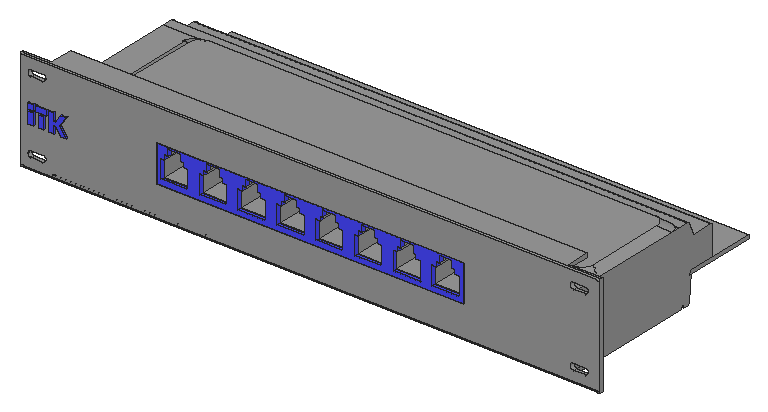
Revit family "ITK_Патч-панель_10-дюймовое крепление_8 портов_Экранированная", category Обобщенные модели, Revit 2019
Family settings
  Может служить основой для арматурных стержней = Нет
  Размер круглого соединителя = Использовать диаметр
  Тип детали = Нормальный
  На основе рабочей плоскости = Нет
  Всегда вертикально = Да
  При загрузке вырезать с полостями = Нет
  Общий = Нет
  Точка расчета площади = Нет
Parameters (values of type "PP08-1UC6AS-D05-10")
  Ширина = 254 mm  # constant formula
  Материал = Окраска - RAL 9005
  Изготовитель = "ITK"  # constant formula
  Дата изменения = ""
  Глубина = 100 mm  # constant formula
  Высота = 44.5 mm  # constant formula
  URL = "https://www.iek.ru/"
  KSI_CPr_Строительные изделия = "27.12.31.61.1.04.09-1090"  # constant formula
  KSI_CMa_Строительные материалы = "10.03.02.06"  # constant formula
  IEK_Цена за единицу = 1730.63
  IEK_Поиск в таблице имен = ""
  IEK_Описание = "Двойная понятная маркировка IDC-модулей и портов. Расширенный частотный диапазон работы. Увеличенное количество циклов включения-отключения. Совместимы со всеми 10\" шкафами и стойками ITK. Соответствие международным стандартам и ГОСТ Р."
  IEK_URL = "https://www.itk-group.ru/produktsiya/catalog/oborudovanie_telekommunikatsionnoe/komponenty_sks_mednye/patch_paneli/patch_paneli_10/patch_paneli_10_kat_6a_ekranirovanye/itk_1u_patch_panel_kat_6a_stp_8_portov_10_dual_idc"
  ADSK_Примечание = ""
  ADSK_Позиция [instance] = ""
  ADSK_Наименование = "ITK 1U патч-панель кат.6A STP 8 портов 10\" Dual IDC"
  ADSK_Материал обозначение = ""
  ADSK_Материал наименование = "Металл"  # constant formula
  ADSK_Масса = 0.84  # constant formula
  ADSK_Марка = ""  # constant formula
  ADSK_Код изделия = "PP08-1UC6AS-D05-10"
  ADSK_Завод-изготовитель = "IEK"  # constant formula
  ADSK_Единица измерения = "шт"  # constant formula
  ADSK_Группирование = "I. ЩИТЫ И ПУЛЬТЫ"  # constant formula
  ADSK_Версия семейства = "1.0"  # constant formula
  ADSK_Версия Revit = "2019"  # constant formula
  ADSK_URL страницы изделия = "https://www.itk-group.ru/produktsiya/catalog/oborudovanie_telekommunikatsionnoe/komponenty_sks_mednye/patch_paneli/patch_paneli_10/?set_filter=y&filter_987_1330857165=y&filter_3644_551235753=y"
Types (3, lengths in mm): name | IEK_Цена за единицу | IEK_URL | ADSK_Наименование | ADSK_Код изделия
  PP08-1UC5ES-D05-10 | 1363.08 | "https://www.itk-group.ru/produktsiya/catalog/oborudovanie_telekommunikatsionnoe/komponenty_sks_mednye/patch_paneli/patch_paneli_10/patch_paneli_10_kat_5e_ekranirovanye/itk_1u_patch_panel_kat_5e_stp_8_portov_10_dual_idc" | "ITK 1U патч-панель кат.5E STP 8 портов 10\" Dual IDC" | "PP08-1UC5ES-D05-10"
  PP08-1UC06S-D05-10 | 1325.63 | "https://www.itk-group.ru/produktsiya/catalog/oborudovanie_telekommunikatsionnoe/komponenty_sks_mednye/patch_paneli/patch_paneli_10/patch_paneli_10_kat_6_ekranirovanye/itk_1u_patch_panel_kat_6_stp_8_portov_10_dual_idc" | "ITK 1U патч-панель кат.6 STP 8 портов 10\" Dual IDC" | "PP08-1UC06S-D05-10"
  PP08-1UC6AS-D05-10 | 1730.63 | "https://www.itk-group.ru/produktsiya/catalog/oborudovanie_telekommunikatsionnoe/komponenty_sks_mednye/patch_paneli/patch_paneli_10/patch_paneli_10_kat_6a_ekranirovanye/itk_1u_patch_panel_kat_6a_stp_8_portov_10_dual_idc" | "ITK 1U патч-панель кат.6A STP 8 портов 10\" Dual IDC" | "PP08-1UC6AS-D05-10"
Reference planes
  plane 1 "По центру (Вперед/Назад)": y = 0
  plane 2: z = 0
  plane 3 "По центру (Влево/Вправо)": x = 0
  plane 4: z = 44.5
  plane 5: y = 11.8
  plane 6: x = 118.2
  plane 7: z = 22.25
  plane 8: z = 38.15
  plane 9: z = 6.35
  plane 10: x = -119.5
  plane 11: x = -102
  plane 12: x = 102
  plane 13: x = -127
  plane 14: x = 127
  plane 15: y = 80
  plane 16: z = 35
  plane 17: y = 100
Forms (mm)
  Extrusion 1, void
    sketch origin (0, 0, 0) x (1, 0, 0) y (0, 1, 0)
      loop
        line (-127, 11.8) -> (-127, 1.6) -> (-114.4, 1.6) -> (-114.4, 11.8) -> (-127, 11.8)
      loop
        line (127, 11.8) -> (112, 11.8) -> (112, 1.6) -> (127, 1.6) -> (127, 11.8)
    from 0 to 482.6
  Extrusion 2, solid, material "Окраска - RAL 9005" <- "Материал", detail levels fine
    sketch origin (-241.3, 0, 0) x (0, 1, 0) y (0, 0, 1)
      loop
        line (11.8, 44.5) -> (0.523, 44.5)
        arc (0.523, 44.5) -> (0.153, 44.347) -> (0, 43.977) r 0.523
        line (0, 43.977) -> (0, 0.507)
        arc (0, 0.507) -> (0.148, 0.148) -> (0.507, 0) r 0.507
        line (0.507, 0) -> (11.8, 0) -> (11.8, 1.6) -> (2.104, 1.6)
        arc (2.104, 1.6) -> (1.748, 1.748) -> (1.6, 2.104) r 0.504
        line (1.6, 2.104) -> (1.6, 42.358)
        arc (1.6, 42.358) -> (1.759, 42.741) -> (2.142, 42.9) r 0.542
        line (2.142, 42.9) -> (11.8, 42.9) -> (11.8, 44.5)
    from 114.3 to 368.3
  Extrusion 3, void
    sketch origin (0, 0, 0) x (1, 0, 0) y (0, 0, 1)
      loop
        line (120.7, 39.65) -> (115.7, 39.65)
        arc (115.7, 39.65) -> (114.2, 38.15) -> (115.7, 36.65) r 1.5
        line (115.7, 36.65) -> (120.7, 36.65)
        arc (120.7, 36.65) -> (122.2, 38.15) -> (120.7, 39.65) r 1.5
      loop
        arc (120.7, 4.85) -> (122.2, 6.35) -> (120.7, 7.85) r 1.5
        line (120.7, 7.85) -> (115.7, 7.85)
        arc (115.7, 7.85) -> (114.2, 6.35) -> (115.7, 4.85) r 1.5
        line (115.7, 4.85) -> (120.7, 4.85)
      loop
        arc (-122, 39.65) -> (-123.5, 38.15) -> (-122, 36.65) r 1.5
        line (-122, 36.65) -> (-117, 36.65)
        arc (-117, 36.65) -> (-115.5, 38.15) -> (-117, 39.65) r 1.5
        line (-117, 39.65) -> (-122, 39.65)
      loop
        line (-122, 4.85) -> (-117, 4.85)
        arc (-117, 4.85) -> (-115.5, 6.35) -> (-117, 7.85) r 1.5
        line (-117, 7.85) -> (-122, 7.85)
        arc (-122, 7.85) -> (-123.5, 6.35) -> (-122, 4.85) r 1.5
    from 0 to -2
  Extrusion 4, solid, material "Условный материал-отделка", detail levels coarse+medium
    sketch origin (0, 0, 0) x (1, 0, 0) y (0, 0, 1)
      loop
        line (-127, 44.5) -> (-127, 0) -> (127, 0) -> (127, 44.5) -> (-127, 44.5)
    from -100 to 0
  Extrusion 5, solid, material "Пластик белый", detail levels fine
    sketch origin (-229.749, 0, 18.183) x (1, 0, 0) y (0, 0, 1)
      loop
        line (106.676, 5.29) -> (106.676, 0) -> (108.988, 0) -> (108.988, 5.29) -> (106.676, 5.29)
      loop
        line (113.492, 5.29) -> (111.314, 5.29) -> (111.314, 0) -> (113.492, 0) -> (113.492, 5.29)
      loop
        line (106.676, 6.027) -> (108.988, 6.027) -> (108.988, 8.272) -> (106.676, 8.272) -> (106.676, 6.027)
      loop
        line (115.867, 8.272) -> (115.867, 0) -> (118.047, 0) -> (118.047, 3.101) -> (118.88, 3.101) -> (120.894, 0) -> (123.551, 0) -> (120.541, 4.142) -> (123.551, 8.272) -> (120.894, 8.272) -> (118.88, 5.17) -> (118.047, 5.17) -> (118.047, 8.272) -> (115.867, 8.272)
      loop
        line (110.06, 6.027) -> (114.747, 6.027) -> (114.747, 8.272) -> (110.06, 8.272) -> (110.06, 6.027)
    from 0 to 0.554
  Extrusion 6, solid, material "Окраска - RAL 9005" <- "Материал", detail levels fine
    sketch origin (0, 0, 0) x (0, 1, 0) y (0, 0, 1)
      loop
        line (2.217, 0) -> (62.953, 0)
        spline (62.953, 0) -> (63.172, 0.599) -> (63.374, 1.019) -> (63.561, 1.285) -> (63.734, 1.424) -> (63.892, 1.463) -> (64.037, 1.427) -> (64.17, 1.342) -> (64.291, 1.222) -> (64.407, 1.048) -> (64.523, 0.8) -> (64.644, 0.458) -> (64.777, 0)
        line (64.777, 0) -> (66.597, 0)
        arc (66.597, 0) -> (67.014, 0.162) -> (67.211, 0.563) r 0.616
        line (67.211, 0.563) -> (68.252, 12.458)
        arc (68.252, 12.458) -> (68.441, 12.842) -> (68.839, 12.997) r 0.59
        line (68.839, 12.997) -> (79.451, 12.997)
        arc (79.451, 12.997) -> (79.839, 13.158) -> (80, 13.546) r 0.549
        line (80, 13.546) -> (80, 25.62)
        arc (80, 25.62) -> (79.827, 26.037) -> (79.411, 26.21) r 0.589
        line (79.411, 26.21) -> (70.164, 26.21)
        arc (70.164, 26.21) -> (69.795, 26.326) -> (69.559, 26.633) r 0.644
        line (69.559, 26.633) -> (67.65, 31.878)
        arc (67.65, 31.878) -> (67.416, 32.184) -> (67.048, 32.3) r 0.641
        line (67.048, 32.3) -> (62.742, 32.3) -> (2.184, 32.3)
        arc (2.184, 32.3) -> (1.771, 32.129) -> (1.6, 31.716) r 0.584
        line (1.6, 31.716) -> (1.6, 0.617)
        arc (1.6, 0.617) -> (1.781, 0.181) -> (2.217, 0) r 0.617
    from 112 to -114.4
  Blend 7, solid, material "Окраска - RAL 9005" <- "Материал", detail levels fine
    base sketch origin (0, 0, 0) x (1, 0, 0) y (0, 1, 0)
      loop
        arc (-97, 62.953) -> (-100.536, 61.489) -> (-102, 57.953) r 5
        line (-102, 57.953) -> (-102, 16.8)
        arc (-102, 16.8) -> (-100.536, 13.264) -> (-97, 11.8) r 5
        line (-97, 11.8) -> (107, 11.8)
        arc (107, 11.8) -> (110.536, 13.264) -> (112, 16.8) r 5
        line (112, 16.8) -> (112, 57.953)
        arc (112, 57.953) -> (110.536, 61.489) -> (107, 62.953) r 5
        line (107, 62.953) -> (-97, 62.953)
    top sketch origin (0, 0, 0) x (1, 0, 0) y (0, 1, 0)
      loop
        arc (103.2, 15) -> (106.736, 16.464) -> (108.2, 20) r 5
        line (108.2, 20) -> (108.2, 54.753)
        arc (108.2, 54.753) -> (106.736, 58.289) -> (103.2, 59.753) r 5
        line (103.2, 59.753) -> (-92, 59.753)
        arc (-92, 59.753) -> (-95.536, 58.289) -> (-97, 54.753) r 5
        line (-97, 54.753) -> (-97, 20)
        arc (-97, 20) -> (-95.536, 16.464) -> (-92, 15) r 5
        line (-92, 15) -> (103.2, 15)
    from 32.3 to 35
  Extrusion 8, solid, material "Окраска - RAL 9005", detail levels fine
    sketch origin (0, 0, 11.397) x (1, 0, 0) y (0, 1, 0)
      loop
        line (-114.4, 100) -> (-114.4, 68.156) -> (112, 68.156) -> (112, 100) -> (-114.4, 100)
    from 0 to 1.6
  Extrusion 9, void
    sketch origin (0, 0, 0) x (1, 0, 0) y (0, 0, 1)
      loop
        line (-67.133, 30.3) -> (-67.133, 14.2) -> (67.133, 14.2) -> (67.133, 30.3) -> (-67.133, 30.3)
    from 0 to -4.917
  Extrusion 10, solid, material "Пластик белый", detail levels fine
    sketch origin (0, 0, 0) x (1, 0, 0) y (0, 0, 1)
      loop
        line (-67.133, 30.3) -> (-67.133, 14.2) -> (67.133, 14.2) -> (67.133, 30.3) -> (-67.133, 30.3)
    from 0 to -1.6
  Extrusion 11, void
    sketch origin (33.986, 0, 0) x (1, 0, 0) y (0, 0, 1)
      loop
        line (-99.489, 16.366) -> (-87.431, 16.366) -> (-87.431, 24.674) -> (-89.448, 24.674) -> (-89.448, 26.55) -> (-90.692, 26.55) -> (-90.692, 29.471) -> (-96.228, 29.471) -> (-96.228, 26.55) -> (-97.473, 26.55) -> (-97.473, 24.674) -> (-99.489, 24.674) -> (-99.489, 16.366)
    from 3.3 to -15
  Extrusion 12, void
    sketch origin (50.978, 0, 0) x (1, 0, 0) y (0, 0, 1)
      loop
        line (-99.489, 16.366) -> (-87.431, 16.366) -> (-87.431, 24.674) -> (-89.448, 24.674) -> (-89.448, 26.55) -> (-90.692, 26.55) -> (-90.692, 29.471) -> (-96.228, 29.471) -> (-96.228, 26.55) -> (-97.473, 26.55) -> (-97.473, 24.674) -> (-99.489, 24.674) -> (-99.489, 16.366)
    from 3.3 to -15
  Extrusion 13, void
    sketch origin (67.971, 0, 0) x (1, 0, 0) y (0, 0, 1)
      loop
        line (-99.489, 16.366) -> (-87.431, 16.366) -> (-87.431, 24.674) -> (-89.448, 24.674) -> (-89.448, 26.55) -> (-90.692, 26.55) -> (-90.692, 29.471) -> (-96.228, 29.471) -> (-96.228, 26.55) -> (-97.473, 26.55) -> (-97.473, 24.674) -> (-99.489, 24.674) -> (-99.489, 16.366)
    from 3.3 to -15
  Extrusion 14, void
    sketch origin (84.964, 0, 0) x (1, 0, 0) y (0, 0, 1)
      loop
        line (-99.489, 16.366) -> (-87.431, 16.366) -> (-87.431, 24.674) -> (-89.448, 24.674) -> (-89.448, 26.55) -> (-90.692, 26.55) -> (-90.692, 29.471) -> (-96.228, 29.471) -> (-96.228, 26.55) -> (-97.473, 26.55) -> (-97.473, 24.674) -> (-99.489, 24.674) -> (-99.489, 16.366)
    from 3.3 to -15
  Extrusion 15, void
    sketch origin (101.957, 0, 0) x (1, 0, 0) y (0, 0, 1)
      loop
        line (-99.489, 16.366) -> (-87.431, 16.366) -> (-87.431, 24.674) -> (-89.448, 24.674) -> (-89.448, 26.55) -> (-90.692, 26.55) -> (-90.692, 29.471) -> (-96.228, 29.471) -> (-96.228, 26.55) -> (-97.473, 26.55) -> (-97.473, 24.674) -> (-99.489, 24.674) -> (-99.489, 16.366)
    from 3.3 to -15
  Extrusion 16, void
    sketch origin (118.949, 0, 0) x (1, 0, 0) y (0, 0, 1)
      loop
        line (-99.489, 16.366) -> (-87.431, 16.366) -> (-87.431, 24.674) -> (-89.448, 24.674) -> (-89.448, 26.55) -> (-90.692, 26.55) -> (-90.692, 29.471) -> (-96.228, 29.471) -> (-96.228, 26.55) -> (-97.473, 26.55) -> (-97.473, 24.674) -> (-99.489, 24.674) -> (-99.489, 16.366)
    from 3.3 to -15
  Extrusion 17, void
    sketch origin (135.942, 0, 0) x (1, 0, 0) y (0, 0, 1)
      loop
        line (-99.489, 16.366) -> (-87.431, 16.366) -> (-87.431, 24.674) -> (-89.448, 24.674) -> (-89.448, 26.55) -> (-90.692, 26.55) -> (-90.692, 29.471) -> (-96.228, 29.471) -> (-96.228, 26.55) -> (-97.473, 26.55) -> (-97.473, 24.674) -> (-99.489, 24.674) -> (-99.489, 16.366)
    from 3.3 to -15
  Extrusion 18, void
    sketch origin (152.935, 0, 0) x (1, 0, 0) y (0, 0, 1)
      loop
        line (-99.489, 16.366) -> (-87.431, 16.366) -> (-87.431, 24.674) -> (-89.448, 24.674) -> (-89.448, 26.55) -> (-90.692, 26.55) -> (-90.692, 29.471) -> (-96.228, 29.471) -> (-96.228, 26.55) -> (-97.473, 26.55) -> (-97.473, 24.674) -> (-99.489, 24.674) -> (-99.489, 16.366)
    from 3.3 to -15
Cuts and joins
  Extrusion 1, Extrusion 3, Extrusion 9 cuts Extrusion 2
  Extrusion 11, Extrusion 12, Extrusion 13, Extrusion 14, Extrusion 15, Extrusion 16, Extrusion 17, Extrusion 18 cuts Extrusion 6
  Extrusion 11, Extrusion 12, Extrusion 13, Extrusion 14, Extrusion 15, Extrusion 16, Extrusion 17, Extrusion 18 cuts Extrusion 10
  Extrusion 18 cuts Extrusion 4
Dimensions and locks
  plane 4 to level = 44.5 mm
  plane 5 to plane 1 "По центру (Вперед/Назад)" = 11.8 mm
  equal spacing: plane 13, plane 3 "По центру (Влево/Вправо)", plane 14
  "Ширина": plane 13 to plane 14
  "Высота": plane 4 to level
  plane 14 to plane 3 "По центру (Влево/Вправо)" to plane 13 = 127 mm, 127 mm
  plane 13 to plane 10 to plane 11 = 7.5 mm locked, 17.5 mm locked
  plane 12 to plane 6 to plane 14 = 16.2 mm locked, 8.8 mm locked
  plane 15 to plane 1 "По центру (Вперед/Назад)" = 80 mm
  plane 16 to level = 35 mm
  plane 17 to plane 15 = 20 mm
  aligned and locked: level to plane 2
  aligned and locked: plane 13 to Extrusion 4
  aligned and locked: cut or joined group of Extrusion 1, Extrusion 2, Extrusion 3, Extrusion 9 to plane 13
  aligned and locked: plane 14 to cut or joined group of Extrusion 1, Extrusion 2, Extrusion 3, Extrusion 9
  aligned and locked: Extrusion 1 to Extrusion 2
  aligned and locked: Extrusion 6 to cut or joined group of Extrusion 1, Extrusion 2, Extrusion 3, Extrusion 9  (x2)
Automatic sketch dimensions
  Extrusion 1 sketch curve to plane 13 = 0 mm
  plane 5 to Extrusion 1 sketch curve = 0 mm  (x2)
  Extrusion 1 sketch curve to plane 14 = 0 mm
  Extrusion 1 sketch curve to plane 1 "По центру (Вперед/Назад)" = 1.6 mm  (x2)
  plane 10 to Extrusion 1 sketch curve = 5.1 mm
  Extrusion 1 sketch curve to plane 6 = 6.2 mm
  Extrusion 2 sketch curve to plane 1 "По центру (Вперед/Назад)" = 0 mm
  Extrusion 2 sketch curve to level = 0 mm
  Extrusion 2 sketch curve to plane 4 = 0 mm
  Extrusion 2 sketch curve to plane 5 = 0 mm  (x2)
  level to Extrusion 2 sketch curve = 0.507 mm
  Extrusion 2 sketch curve to Extrusion 2 sketch curve = 0.523 mm
  Extrusion 2 sketch curve to plane 1 "По центру (Вперед/Назад)" = 1.6 mm
  Extrusion 2 sketch curve to Extrusion 2 sketch curve = 0.504 mm
  Extrusion 2 sketch curve to Extrusion 2 sketch curve = 0.542 mm
  level to Extrusion 2 sketch curve = 1.6 mm
  Extrusion 2 sketch curve to plane 4 = 2.142 mm
  Extrusion 3 sketch curve to plane 9 = 0 mm  (x2)
  Extrusion 3 sketch curve to plane 8 = 0 mm  (x2)
  Extrusion 3 sketch curve to plane 10 = 2.5 mm  (x2)
  plane 10 to Extrusion 3 sketch curve = 2.5 mm  (x2)
  Extrusion 3 sketch curve to plane 6 = 2.5 mm  (x2)
  plane 6 to Extrusion 3 sketch curve = 2.5 mm  (x2)
  Extrusion 3 sketch curve to plane 9 = 1.5 mm
  Extrusion 3 sketch curve to Extrusion 3 sketch curve = 1.5 mm  (x2)
  Extrusion 3 sketch curve to plane 8 = 1.5 mm
  Extrusion 4 sketch curve to level = 0 mm
  Extrusion 4 sketch curve to plane 13 = 0 mm
  Extrusion 4 sketch curve to plane 14 = 0 mm
  Extrusion 4 sketch curve to plane 4 = 0 mm
  plane 7 to Extrusion 5 sketch curve = 1.223 mm  (x2)
  Extrusion 5 sketch curve to plane 10 = 3.574 mm
  Extrusion 5 sketch curve to Extrusion 5 sketch curve = 0 mm  (x5)
  Extrusion 5 sketch curve to plane 10 = 1.261 mm
  Extrusion 5 sketch curve to plane 10 = 0.19 mm
  plane 10 to Extrusion 5 sketch curve = 1.065 mm
  Extrusion 5 sketch curve to Extrusion 5 sketch curve = 2.178 mm
  Extrusion 5 sketch curve to Extrusion 5 sketch curve = 1.255 mm
  Extrusion 5 sketch curve to Extrusion 5 sketch curve = 1.12 mm
  Extrusion 5 sketch curve to Extrusion 5 sketch curve = 2.18 mm  (x2)
  Extrusion 5 sketch curve to Extrusion 5 sketch curve = 0.834 mm  (x2)
  Extrusion 5 sketch curve to plane 7 = 0.965 mm
  plane 7 to Extrusion 5 sketch curve = 0.076 mm
  Extrusion 5 sketch curve to Extrusion 5 sketch curve = 1.661 mm
  Extrusion 5 sketch curve to Extrusion 5 sketch curve = 2.848 mm  (x2)
  Extrusion 5 sketch curve to Extrusion 5 sketch curve = 2.656 mm  (x2)
  Extrusion 5 sketch curve to plane 7 = 4.067 mm  (x2)
  plane 7 to Extrusion 5 sketch curve = 1.104 mm
  Extrusion 5 sketch curve to Extrusion 5 sketch curve = 0.737 mm  (x2)
  Extrusion 5 sketch curve to Extrusion 5 sketch curve = 3.101 mm
  Extrusion 5 sketch curve to Extrusion 5 sketch curve = 2.244 mm  (x2)
  Extrusion 6 sketch curve to level = 0 mm
  Extrusion 6 sketch curve to plane 15 = 0 mm
  Extrusion 6 sketch curve to Extrusion 6 sketch curve = 0.549 mm
  Extrusion 6 sketch curve to Extrusion 6 sketch curve = 0.589 mm
  plane 7 to Extrusion 6 sketch curve = 3.96 mm
  Extrusion 6 sketch curve to Extrusion 6 sketch curve = 9.247 mm
  plane 7 to Extrusion 6 sketch curve = 4.383 mm
  Extrusion 6 sketch curve to Extrusion 6 sketch curve = 0.605 mm
  Extrusion 6 sketch curve to Extrusion 6 sketch curve = 10.612 mm
  plane 9 to Extrusion 6 sketch curve = 6.108 mm
  Extrusion 6 sketch curve to Extrusion 6 sketch curve = 0.588 mm
  Extrusion 6 sketch curve to plane 16 = 3.122 mm
  Extrusion 6 sketch curve to Extrusion 6 sketch curve = 1.909 mm
  level to Extrusion 6 sketch curve = 0.563 mm
  Extrusion 6 sketch curve to Extrusion 6 sketch curve = 1.041 mm
  Extrusion 6 sketch curve to Extrusion 6 sketch curve = 0.602 mm
  level to Extrusion 6 sketch curve = 0.616 mm
  Extrusion 6 sketch curve to Extrusion 6 sketch curve = 1.821 mm
  Extrusion 6 sketch curve to Extrusion 6 sketch curve = 1.824 mm
  Extrusion 6 sketch curve to Extrusion 6 sketch curve = 4.306 mm
  level to Extrusion 6 sketch curve = 0.617 mm
  Extrusion 6 sketch curve to plane 1 "По центру (Вперед/Назад)" = 2.217 mm
  Extrusion 6 sketch curve to Extrusion 6 sketch curve = 0.584 mm
  Extrusion 6 sketch curve to Extrusion 6 sketch curve = 0.051 mm
  Extrusion 6 sketch curve to Extrusion 6 sketch curve = 0.219 mm
  Blend 7 sketch curve to plane 11 = 0 mm
  plane 5 to Blend 7 sketch curve = 0 mm
  plane 11 to Blend 7 sketch curve = 5 mm  (x3)
  Blend 7 sketch curve to plane 12 = 5 mm  (x2)
  Blend 7 sketch curve to Blend 7 sketch curve = 5 mm  (x4)
  plane 15 to Blend 7 sketch curve = 22.047 mm
  Blend 7 sketch curve to plane 5 = 3.2 mm
  Blend 7 sketch curve to plane 12 = 1.2 mm  (x2)
  plane 15 to Blend 7 sketch curve = 25.247 mm
  plane 17 to Extrusion 8 sketch curve = 0 mm
  plane 10 to Extrusion 8 sketch curve = 5.1 mm
  Extrusion 8 sketch curve to plane 6 = 6.2 mm
  plane 15 to Extrusion 8 sketch curve = 11.844 mm
  plane 9 to Extrusion 9 sketch curve = 7.85 mm
  plane 11 to Extrusion 9 sketch curve = 34.867 mm
  plane 12 to Extrusion 9 sketch curve = 34.867 mm
  Extrusion 9 sketch curve to plane 16 = 4.7 mm
  Extrusion 10 sketch curve to plane 16 = 4.7 mm
  plane 11 to Extrusion 10 sketch curve = 34.867 mm
  plane 9 to Extrusion 10 sketch curve = 7.85 mm
  plane 12 to Extrusion 10 sketch curve = 34.867 mm
  Extrusion 11 sketch curve to plane 7 = 5.884 mm
  plane 11 to Extrusion 11 sketch curve = 36.496 mm
  Extrusion 11 sketch curve to Extrusion 11 sketch curve = 2.017 mm  (x2)
  Extrusion 11 sketch curve to Extrusion 11 sketch curve = 1.244 mm  (x2)
  Extrusion 11 sketch curve to Extrusion 11 sketch curve = 5.536 mm
  plane 7 to Extrusion 11 sketch curve = 2.424 mm  (x2)
  Extrusion 11 sketch curve to Extrusion 11 sketch curve = 1.876 mm  (x2)
  Extrusion 11 sketch curve to Extrusion 11 sketch curve = 2.921 mm
  Extrusion 12 sketch curve to plane 7 = 5.884 mm
  Extrusion 12 sketch curve to plane 3 "По центру (Влево/Вправо)" = 48.511 mm
  Extrusion 12 sketch curve to Extrusion 12 sketch curve = 2.017 mm  (x2)
  Extrusion 12 sketch curve to Extrusion 12 sketch curve = 1.244 mm  (x2)
  Extrusion 12 sketch curve to Extrusion 12 sketch curve = 5.536 mm
  plane 7 to Extrusion 12 sketch curve = 2.424 mm  (x2)
  Extrusion 12 sketch curve to Extrusion 12 sketch curve = 1.876 mm  (x2)
  Extrusion 12 sketch curve to Extrusion 12 sketch curve = 2.921 mm
  Extrusion 13 sketch curve to plane 7 = 5.884 mm
  Extrusion 13 sketch curve to plane 3 "По центру (Влево/Вправо)" = 31.518 mm
  Extrusion 13 sketch curve to Extrusion 13 sketch curve = 2.017 mm  (x2)
  Extrusion 13 sketch curve to Extrusion 13 sketch curve = 1.244 mm  (x2)
  Extrusion 13 sketch curve to Extrusion 13 sketch curve = 5.536 mm
  plane 7 to Extrusion 13 sketch curve = 2.424 mm  (x2)
  Extrusion 13 sketch curve to Extrusion 13 sketch curve = 1.876 mm  (x2)
  Extrusion 13 sketch curve to Extrusion 13 sketch curve = 2.921 mm
  Extrusion 14 sketch curve to plane 7 = 5.884 mm
  Extrusion 14 sketch curve to plane 3 "По центру (Влево/Вправо)" = 14.526 mm
  Extrusion 14 sketch curve to Extrusion 14 sketch curve = 2.017 mm
  Extrusion 14 sketch curve to Extrusion 14 sketch curve = 1.244 mm  (x2)
  Extrusion 14 sketch curve to Extrusion 14 sketch curve = 5.536 mm
  Extrusion 14 sketch curve to plane 3 "По центру (Влево/Вправо)" = 2.467 mm
  plane 7 to Extrusion 14 sketch curve = 2.424 mm  (x2)
  Extrusion 14 sketch curve to Extrusion 14 sketch curve = 1.876 mm  (x2)
  Extrusion 14 sketch curve to Extrusion 14 sketch curve = 2.921 mm
  plane 3 "По центру (Влево/Вправо)" to Extrusion 15 sketch curve = 2.467 mm
  Extrusion 15 sketch curve to Extrusion 15 sketch curve = 2.017 mm  (x2)
  Extrusion 15 sketch curve to Extrusion 15 sketch curve = 1.244 mm  (x2)
  Extrusion 15 sketch curve to Extrusion 15 sketch curve = 5.536 mm
  Extrusion 15 sketch curve to plane 7 = 5.884 mm
  plane 7 to Extrusion 15 sketch curve = 2.424 mm  (x2)
  Extrusion 15 sketch curve to Extrusion 15 sketch curve = 1.876 mm  (x2)
  Extrusion 15 sketch curve to Extrusion 15 sketch curve = 2.921 mm
  Extrusion 16 sketch curve to plane 7 = 5.884 mm
  plane 3 "По центру (Влево/Вправо)" to Extrusion 16 sketch curve = 19.46 mm
  Extrusion 16 sketch curve to Extrusion 16 sketch curve = 2.017 mm  (x2)
  Extrusion 16 sketch curve to Extrusion 16 sketch curve = 1.244 mm  (x2)
  Extrusion 16 sketch curve to Extrusion 16 sketch curve = 5.536 mm
  plane 7 to Extrusion 16 sketch curve = 2.424 mm  (x2)
  Extrusion 16 sketch curve to Extrusion 16 sketch curve = 1.876 mm  (x2)
  Extrusion 16 sketch curve to Extrusion 16 sketch curve = 2.921 mm
  Extrusion 17 sketch curve to plane 7 = 5.884 mm
  plane 3 "По центру (Влево/Вправо)" to Extrusion 17 sketch curve = 36.453 mm
  Extrusion 17 sketch curve to Extrusion 17 sketch curve = 2.017 mm  (x2)
  Extrusion 17 sketch curve to Extrusion 17 sketch curve = 1.244 mm  (x2)
  Extrusion 17 sketch curve to Extrusion 17 sketch curve = 5.536 mm
  plane 7 to Extrusion 17 sketch curve = 2.424 mm  (x2)
  Extrusion 17 sketch curve to Extrusion 17 sketch curve = 1.876 mm  (x2)
  Extrusion 17 sketch curve to Extrusion 17 sketch curve = 2.921 mm
  Extrusion 18 sketch curve to plane 7 = 5.884 mm
  plane 12 to Extrusion 18 sketch curve = 48.554 mm
  Extrusion 18 sketch curve to Extrusion 18 sketch curve = 2.017 mm  (x2)
  Extrusion 18 sketch curve to Extrusion 18 sketch curve = 1.244 mm  (x2)
  Extrusion 18 sketch curve to Extrusion 18 sketch curve = 5.536 mm
  plane 7 to Extrusion 18 sketch curve = 2.424 mm  (x2)
  Extrusion 18 sketch curve to Extrusion 18 sketch curve = 1.876 mm  (x2)
  Extrusion 18 sketch curve to Extrusion 18 sketch curve = 2.921 mm
